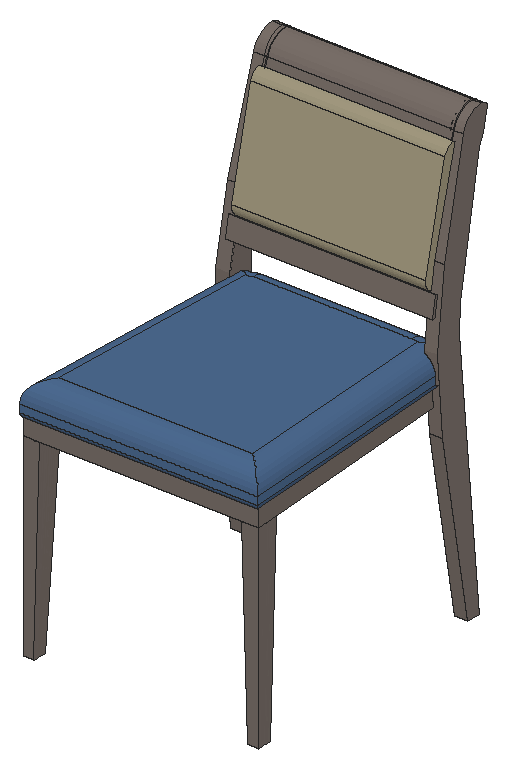
Revit family "FU_Chair_Sandler_Woodlook 1-16", category Furniture, Revit 2022
Family settings
  OmniClass Number = 23.40.20.00
  OmniClass Title = General Furniture and Specialties
  Work Plane-Based = No
  Always vertical = Yes
  Cut with Voids When Loaded = No
  Render Appearance Source = Family Geometry
  Shared = No
  Room Calculation Point = No
Parameters (values of type "Woodlook 1.16")
  Width = 450 mm
  URL = "https://www.sandlerseating.com/product/woodlook-1-16/"
  Seat [instance] = Fabric - Manhattan - Staten YI386
  Model = "Woodlook 1.16"
  Manufacturer = "Sandler"
  Height = 840 mm
  Frame [instance] = Woodlook - 23 Light Walnut
  Description = "Woodlook side chair with frame manufactured entirely from aluminum but with realistic appearance of wood. Highly durable and scratch resistant. Stacks 5 on the floor."
  Depth = 575 mm
  Default Elevation = 0 mm
  Back [instance] = Fabric - Mainline Flax - Kensington MLF07
Reference planes
  plane 1 "Center (Front/Back)": y = 0
  plane 2: z = 0
  plane 3 "Center (Left/Right)": x = 0
  plane 4 "Right": x = -225
  plane 5 "Left": x = 225
  plane 6 "Front": y = -287.5
  plane 7 "Back": y = 287.5
  plane 8 "Height": z = 840
  plane 9 "Seat Height": z = 470
  plane 10 "Seat Frame Base": z = 373.295
  plane 11 "Seat Frame Top": z = 420.295
  plane 12 "BRL FRONT": through (-212.909, -1524, 0) normal (-0.9995, 0, 0.0318)
Forms (mm)
  Blend 1, solid, material "Woodlook - 23 Light Walnut" <- "Frame"
    base sketch origin (0, 0, 0) x (1, 0, 0) y (0, 1, 0)
      loop
        line (-222.909, -282.363) -> (-202.909, -282.363) -> (-202.909, -257.363) -> (-222.909, -257.363) -> (-222.909, -282.363)
    top sketch origin (0, 0, 0) x (1, 0, 0) y (0, 1, 0)
      loop
        line (-222.909, -282.363) -> (-190.909, -282.363) -> (-188.721, -239.363) -> (-220.721, -239.363) -> (-222.909, -282.363)
    from 0 to 373.295
  Blend 2, solid, material "Woodlook - 23 Light Walnut" <- "Frame"
    base sketch origin (0, 0, 0) x (-1, 0, 0) y (0, -1, 0)
      loop
        line (-222.909, 282.363) -> (-222.909, 257.363) -> (-202.909, 257.363) -> (-202.909, 282.363) -> (-222.909, 282.363)
    top sketch origin (0, 0, 0) x (-1, 0, 0) y (0, -1, 0)
      loop
        line (-222.909, 282.363) -> (-220.721, 239.363) -> (-188.721, 239.363) -> (-190.909, 282.363) -> (-222.909, 282.363)
    from 0 to 373.295
  Extrusion 3, solid, material "Woodlook - 23 Light Walnut" <- "Frame"
    sketch origin (-212.693, 0, 6.774) x (-0.031833, 0, -0.999493) y (0, -1, 0)
      loop
        line (6.809, -210.861) -> (-318.88, -163.854)
        arc (-318.88, -163.854) -> (-462.331, -157.818) -> (-604.064, -180.766) r 710
        line (-604.064, -180.766) -> (-800.373, -233.366)
        arc (-800.373, -233.366) -> (-824.427, -249.439) -> (-833.726, -276.833) r 45
        arc (-833.726, -276.833) -> (-832.929, -281.239) -> (-830.639, -285.086) r 12.578
        arc (-830.639, -285.086) -> (-828.16, -286.837) -> (-825.151, -287.241) r 6.372
        arc (-825.151, -287.241) -> (-794.113, -280.166) -> (-765.571, -266.067) r 135.949
        arc (-765.571, -266.067) -> (-646.769, -236.024) -> (-526.494, -212.557) r 2228.556
        arc (-526.494, -212.557) -> (-476.645, -207.708) -> (-426.6, -209.686) r 367.297
        line (-426.6, -209.686) -> (6.809, -235.687) -> (6.809, -210.861)
    from -13 to 12
  Extrusion 4, solid, material "Woodlook - 23 Light Walnut" <- "Frame"
    sketch origin (0, 0, 0) x (0, 1, 0) y (0, 0, 1)
      loop
        line (233.289, 807.037) -> (229.214, 791.825) -> (276.546, 791.825)
        arc (276.546, 791.825) -> (283.385, 811.414) -> (287.164, 831.816) r 135.949
        arc (287.164, 831.816) -> (286.76, 834.824) -> (285.009, 837.304) r 6.372
        arc (285.009, 837.304) -> (281.162, 839.593) -> (276.756, 840.39) r 12.578
        arc (276.756, 840.39) -> (249.362, 831.091) -> (233.289, 807.037) r 45
    from -179 to 178.965
  Extrusion 5, solid, material "Woodlook - 23 Light Walnut" <- "Frame"
    sketch origin (212.693, 0, 6.774) x (0.031833, 0, -0.999493) y (0, 1, 0)
      loop
        line (6.809, 210.861) -> (6.809, 235.687) -> (-426.6, 209.686)
        arc (-426.6, 209.686) -> (-476.645, 207.708) -> (-526.494, 212.557) r 367.297
        arc (-526.494, 212.557) -> (-646.769, 236.024) -> (-765.571, 266.067) r 2228.556
        arc (-765.571, 266.067) -> (-794.113, 280.166) -> (-825.151, 287.241) r 135.949
        arc (-825.151, 287.241) -> (-828.16, 286.837) -> (-830.639, 285.086) r 6.372
        arc (-830.639, 285.086) -> (-832.929, 281.239) -> (-833.726, 276.833) r 12.578
        arc (-833.726, 276.833) -> (-824.427, 249.439) -> (-800.373, 233.366) r 45
        line (-800.373, 233.366) -> (-604.064, 180.766)
        arc (-604.064, 180.766) -> (-462.331, 157.818) -> (-318.88, 163.854) r 710
        line (-318.88, 163.854) -> (6.809, 210.861)
    from -13 to 12
  Extrusion 6, solid, material "Woodlook - 23 Light Walnut" <- "Frame"
    sketch origin (0, 0, 373.295) x (0, -1, 0) y (1, 0, 0)
      loop
        line (282.363, -222.909) -> (282.363, 222.909) -> (-196.601, 194.399) -> (-206.481, 147.921) -> (-206.481, -145.821) -> (-196.149, -194.426) -> (282.363, -222.909)
      loop
        line (-151.77, -167.69) -> (262.363, -188.758) -> (262.363, 188.758) -> (-151.77, 167.69) -> (-151.77, -167.69)
    from 0 to 47
  Extrusion 7, solid, material "Woodlook - 23 Light Walnut" <- "Frame"
    sketch origin (0, 0, 0) x (0, 1, 0) y (0, 0, 1)
      loop
        line (201.792, 553.694) -> (169.947, 561.046)
        arc (169.947, 561.046) -> (165.911, 541.421) -> (163.685, 521.509) r 218.998
        line (163.685, 521.509) -> (192.809, 514.785) -> (201.792, 553.694)
    from -196 to 196
  Extrusion 8, solid, material "Fabric - Mainline Flax - Kensington MLF07" <- "Back"
    sketch origin (0, 0, 0) x (0, 1, 0) y (0, 0, 1)
      loop
        arc (162.199, 583.859) -> (166.069, 567.98) -> (179.602, 558.817) r 22.698
        line (179.602, 558.817) -> (199.176, 554.298)
        arc (199.176, 554.298) -> (216.808, 556.73) -> (228.353, 570.278) r 25
        arc (228.353, 570.278) -> (257.879, 672.432) -> (274.878, 777.4) r 880.707
        arc (274.878, 777.4) -> (271.556, 787.508) -> (261.83, 791.825) r 13.114
        line (261.83, 791.825) -> (231.616, 791.825)
        arc (231.616, 791.825) -> (216.642, 787.044) -> (207.21, 774.47) r 25.838
        arc (207.21, 774.47) -> (179.81, 680.32) -> (162.199, 583.859) r 955.908
    from -184 to 184
  Extrusion 9, solid, material "Fabric - Manhattan - Staten YI386" <- "Seat"
    sketch origin (0, 0, 470) x (-1, 0, 0) y (0, -1, 0)
      loop
        line (225, 287.5) -> (-225, 287.5) -> (-201.468, -191.678)
        arc (-201.468, -191.678) -> (-177.565, -206.326) -> (-150, -211.435) r 76.918
        line (-150, -211.435) -> (150, -211.435)
        arc (150, -211.435) -> (177.565, -206.326) -> (201.468, -191.678) r 76.918
        line (201.468, -191.678) -> (225, 287.5)
    from -65.451 to 0
  Sweep 10, void
    path in 3D
      loop
        line (225, -287.5, 470) -> (201.468, 191.678, 470)
        arc (201.468, 191.678, 470) -> (177.565, 206.326, 470) -> (150, 211.435, 470) r 76.918
        line (150, 211.435, 470) -> (-150, 211.435, 470)
        arc (-150, 211.435, 470) -> (-177.565, 206.326, 470) -> (-201.468, 191.678, 470) r 76.918
        line (-201.468, 191.678, 470) -> (-225, -287.5, 470) -> (225, -287.5, 470)
    profile "Pro_edgeCut_40mm : Pro_edgeCut_40mm" origin (0, -287.5, 470) x (0, 1, 0) y (0, 0, 1)
      loop
        line (7.071, 21.213) -> (-21.213, -7.071) -> (0, -40)
        arc (0, -40) -> (11.716, -11.716) -> (40, 0) r 40
        line (40, 0) -> (7.071, 21.213)
  Sweep 11, void
    path in 3D
      loop
        line (-225, -287.5, 404.549) -> (-201.468, 191.678, 404.549)
        arc (-201.468, 191.678, 404.549) -> (-177.565, 206.326, 404.549) -> (-150, 211.435, 404.549) r 76.918
        line (-150, 211.435, 404.549) -> (150, 211.435, 404.549)
        arc (150, 211.435, 404.549) -> (177.565, 206.326, 404.549) -> (201.468, 191.678, 404.549) r 76.918
        line (201.468, 191.678, 404.549) -> (225, -287.5, 404.549) -> (-225, -287.5, 404.549)
    profile "Pro_edgeCut_10mm : Pro_edgeCut_10mm" origin (0, -287.5, 404.549) x (0, 1, 0) y (0, 0, -1)
      loop
        line (7.071, 21.213) -> (-21.213, -7.071) -> (0, -14.142) -> (0, -10)
        arc (0, -10) -> (2.929, -2.929) -> (10, 0) r 10
        line (10, 0) -> (14.142, 0) -> (7.071, 21.213)
Cuts and joins
  Sweep 10, Sweep 11 cuts Extrusion 9
Lines and regions (mm)
  sketch lines
    curve 1: line (-225, -287.5, 470) -> (225, -287.5, 470)
    curve 2: line (225, -287.5, 470) -> (201.468, 191.678, 470)
    curve 3: arc (150, 211.435, 470) -> (177.565, 206.326, 470) -> (201.468, 191.678, 470) r 76.918
    curve 4: line (150, 211.435, 470) -> (-150, 211.435, 470)
    curve 5: arc (-201.468, 191.678, 470) -> (-177.565, 206.326, 470) -> (-150, 211.435, 470) r 76.918
    curve 6: line (-201.468, 191.678, 470) -> (-225, -287.5, 470)
    curve 7: line (225, -287.5, 404.549) -> (-225, -287.5, 404.549)
    curve 8: line (-225, -287.5, 404.549) -> (-201.468, 191.678, 404.549)
    curve 9: arc (-150, 211.435, 404.549) -> (-177.565, 206.326, 404.549) -> (-201.468, 191.678, 404.549) r 76.918
    curve 10: line (-150, 211.435, 404.549) -> (150, 211.435, 404.549)
    curve 11: arc (201.468, 191.678, 404.549) -> (177.565, 206.326, 404.549) -> (150, 211.435, 404.549) r 76.918
    curve 12: line (201.468, 191.678, 404.549) -> (225, -287.5, 404.549)
Dimensions and locks
  equal spacing: plane 4 "Right", plane 3 "Center (Left/Right)", plane 5 "Left"
  equal spacing: plane 7 "Back", plane 1 "Center (Front/Back)", plane 6 "Front"
  "Width": plane 4 "Right" to plane 5 "Left"
  "Depth": plane 7 "Back" to plane 6 "Front"
  "Height": plane 8 "Height" to level
  aligned and locked: level to plane 2
Automatic sketch dimensions
  plane 4 "Right" to Blend 1 sketch curve = 2.091 mm  (x2)
  Blend 1 sketch curve to Blend 1 sketch curve = 20 mm
  plane 6 "Front" to Blend 1 sketch curve = 5.137 mm  (x2)
  Blend 1 sketch curve to Blend 1 sketch curve = 25 mm
  plane 4 "Right" to Blend 1 sketch curve = 4.279 mm
  Blend 1 sketch curve to Blend 1 sketch curve = 32 mm  (x2)
  Blend 1 sketch curve to Blend 1 sketch curve = 43 mm
  Blend 2 sketch curve to plane 5 "Left" = 2.091 mm  (x2)
  Blend 2 sketch curve to Blend 2 sketch curve = 20 mm
  plane 6 "Front" to Blend 2 sketch curve = 30.137 mm
  plane 6 "Front" to Blend 2 sketch curve = 5.137 mm  (x2)
  Blend 2 sketch curve to plane 5 "Left" = 4.279 mm
  Blend 2 sketch curve to Blend 2 sketch curve = 32 mm  (x2)
  Blend 2 sketch curve to Blend 2 sketch curve = 43 mm
  Extrusion 3 sketch curve to plane 7 "Back" = 135.434 mm
  Extrusion 3 sketch curve to plane 7 "Back" = 6.595 mm
  Extrusion 3 sketch curve to Extrusion 3 sketch curve = 13.808 mm
  Extrusion 3 sketch curve to Extrusion 3 sketch curve = 4.683 mm
  Extrusion 3 sketch curve to plane 7 "Back" = 54.134 mm
  Extrusion 3 sketch curve to Extrusion 3 sketch curve = 20.775 mm
  Extrusion 3 sketch curve to Extrusion 3 sketch curve = 32.422 mm
  Extrusion 3 sketch curve to plane 7 "Back" = 106.734 mm
  Extrusion 3 sketch curve to Extrusion 3 sketch curve = 196.308 mm
  Extrusion 3 sketch curve to Extrusion 3 sketch curve = 137.971 mm
  Extrusion 3 sketch curve to plane 7 "Back" = 77.814 mm
  Extrusion 3 sketch curve to Extrusion 3 sketch curve = 177.464 mm
  Extrusion 3 sketch curve to Extrusion 3 sketch curve = 45.791 mm
  Extrusion 3 sketch curve to plane 7 "Back" = 123.646 mm
  Extrusion 3 sketch curve to Extrusion 3 sketch curve = 107.72 mm
  Extrusion 3 sketch curve to Extrusion 3 sketch curve = 260.288 mm
  Extrusion 3 sketch curve to plane 7 "Back" = 51.813 mm
  Extrusion 3 sketch curve to Extrusion 3 sketch curve = 325.689 mm
  Extrusion 3 sketch curve to Extrusion 3 sketch curve = 1544.2 mm
  plane 7 "Back" to Extrusion 3 sketch curve = 287.354 mm
  Extrusion 3 sketch curve to Extrusion 3 sketch curve = 4.072 mm
  Extrusion 3 sketch curve to Extrusion 3 sketch curve = 24.826 mm
  Extrusion 3 sketch curve to Extrusion 3 sketch curve = 0 mm  (x3)
  Extrusion 3 sketch curve to plane 7 "Back" = 21.433 mm
  plane 8 "Height" to Extrusion 4 sketch curve = 6.303 mm
  Extrusion 4 sketch curve to plane 7 "Back" = 135.511 mm
  Extrusion 4 sketch curve to plane 7 "Back" = 58.286 mm
  Extrusion 4 sketch curve to Extrusion 4 sketch curve = 4.076 mm
  Extrusion 4 sketch curve to plane 7 "Back" = 10.954 mm
  Extrusion 4 sketch curve to Extrusion 4 sketch curve = 0.21 mm
  Extrusion 4 sketch curve to Extrusion 4 sketch curve = 4.072 mm
  Extrusion 4 sketch curve to plane 8 "Height" = 7.505 mm
  Extrusion 4 sketch curve to Extrusion 4 sketch curve = 4.683 mm
  Extrusion 4 sketch curve to plane 8 "Height" = 32.963 mm
  Extrusion 4 sketch curve to Extrusion 4 sketch curve = 32.422 mm
  Extrusion 4 sketch curve to Extrusion 4 sketch curve = 3.565 mm
  Extrusion 4 sketch curve to plane 7 "Back" = 2.491 mm
  Extrusion 4 sketch curve to Extrusion 4 sketch curve = 0 mm
  Extrusion 5 sketch curve to plane 7 "Back" = 135.434 mm
  Extrusion 5 sketch curve to plane 7 "Back" = 6.595 mm
  Extrusion 5 sketch curve to Extrusion 5 sketch curve = 13.808 mm
  Extrusion 5 sketch curve to Extrusion 5 sketch curve = 4.683 mm
  Extrusion 5 sketch curve to plane 7 "Back" = 54.134 mm
  Extrusion 5 sketch curve to Extrusion 5 sketch curve = 20.775 mm
  Extrusion 5 sketch curve to Extrusion 5 sketch curve = 32.422 mm
  Extrusion 5 sketch curve to plane 7 "Back" = 106.734 mm
  Extrusion 5 sketch curve to Extrusion 5 sketch curve = 196.308 mm
  Extrusion 5 sketch curve to Extrusion 5 sketch curve = 137.971 mm
  Extrusion 5 sketch curve to plane 7 "Back" = 77.814 mm
  Extrusion 5 sketch curve to Extrusion 5 sketch curve = 177.464 mm
  Extrusion 5 sketch curve to Extrusion 5 sketch curve = 45.791 mm
  Extrusion 5 sketch curve to plane 7 "Back" = 123.646 mm
  Extrusion 5 sketch curve to Extrusion 5 sketch curve = 107.72 mm
  Extrusion 5 sketch curve to Extrusion 5 sketch curve = 260.288 mm
  Extrusion 5 sketch curve to plane 7 "Back" = 51.813 mm
  Extrusion 5 sketch curve to Extrusion 5 sketch curve = 325.689 mm
  Extrusion 5 sketch curve to Extrusion 5 sketch curve = 24.826 mm
  Extrusion 5 sketch curve to Extrusion 5 sketch curve = 4.072 mm
  plane 7 "Back" to Extrusion 5 sketch curve = 287.354 mm
  Extrusion 5 sketch curve to Extrusion 5 sketch curve = 1544.2 mm
  Extrusion 5 sketch curve to Extrusion 5 sketch curve = 0 mm  (x3)
  Extrusion 5 sketch curve to plane 7 "Back" = 21.433 mm
  Extrusion 6 sketch curve to plane 7 "Back" = 81.019 mm
  Extrusion 6 sketch curve to plane 5 "Left" = 30.601 mm
  Extrusion 6 sketch curve to Extrusion 6 sketch curve = 9.879 mm
  plane 4 "Right" to Extrusion 6 sketch curve = 30.574 mm
  Extrusion 6 sketch curve to Extrusion 6 sketch curve = 10.331 mm
  Extrusion 6 sketch curve to Extrusion 6 sketch curve = 44.831 mm
  Extrusion 6 sketch curve to plane 5 "Left" = 2.091 mm
  plane 6 "Front" to Extrusion 6 sketch curve = 5.137 mm
  plane 4 "Right" to Extrusion 6 sketch curve = 2.091 mm
  Extrusion 6 sketch curve to Extrusion 6 sketch curve = 26.736 mm
  Extrusion 6 sketch curve to Extrusion 6 sketch curve = 48.605 mm
  Extrusion 6 sketch curve to Extrusion 6 sketch curve = 46.478 mm
  Extrusion 6 sketch curve to Extrusion 6 sketch curve = 26.709 mm
  plane 4 "Right" to Extrusion 6 sketch curve = 36.242 mm
  Extrusion 6 sketch curve to Extrusion 6 sketch curve = 20 mm
  Extrusion 6 sketch curve to plane 5 "Left" = 36.242 mm
  plane 9 "Seat Height" to Extrusion 7 sketch curve = 44.785 mm
  Extrusion 7 sketch curve to plane 7 "Back" = 94.691 mm
  Extrusion 7 sketch curve to Extrusion 7 sketch curve = 8.983 mm
  plane 9 "Seat Height" to Extrusion 7 sketch curve = 37.162 mm
  Extrusion 7 sketch curve to Extrusion 7 sketch curve = 38.909 mm
  Extrusion 7 sketch curve to Extrusion 7 sketch curve = 31.845 mm
  Extrusion 7 sketch curve to Extrusion 7 sketch curve = 29.124 mm
  plane 8 "Height" to Extrusion 8 sketch curve = 25.452 mm
  Extrusion 8 sketch curve to plane 6 "Front" = 313.916 mm
  Extrusion 8 sketch curve to plane 7 "Back" = 107.898 mm
  Extrusion 8 sketch curve to Extrusion 8 sketch curve = 5.106 mm
  Extrusion 8 sketch curve to Extrusion 8 sketch curve = 19.574 mm
  Extrusion 8 sketch curve to Extrusion 8 sketch curve = 20.092 mm
  Extrusion 8 sketch curve to plane 7 "Back" = 55.884 mm
  Extrusion 8 sketch curve to plane 7 "Back" = 25.67 mm
  Extrusion 8 sketch curve to plane 9 "Seat Height" = 9.366 mm
  plane 7 "Back" to Extrusion 8 sketch curve = 822.631 mm
  plane 9 "Seat Height" to Extrusion 8 sketch curve = 84.298 mm
  Extrusion 8 sketch curve to Extrusion 8 sketch curve = 4.519 mm
  Extrusion 8 sketch curve to Extrusion 8 sketch curve = 24.359 mm
  Extrusion 8 sketch curve to Extrusion 8 sketch curve = 2.276 mm
  Extrusion 8 sketch curve to plane 8 "Height" = 74.013 mm
  Extrusion 8 sketch curve to Extrusion 8 sketch curve = 12.724 mm
  Extrusion 8 sketch curve to Extrusion 8 sketch curve = 13.114 mm
  Extrusion 8 sketch curve to Extrusion 8 sketch curve = 0 mm  (x2)
  Extrusion 9 sketch curve to plane 6 "Front" = 0 mm
  Extrusion 9 sketch curve to plane 5 "Left" = 0 mm
  Extrusion 9 sketch curve to plane 5 "Left" = 23.532 mm
  Extrusion 9 sketch curve to plane 5 "Left" = 75 mm
  plane 4 "Right" to Extrusion 9 sketch curve = 75 mm
  plane 4 "Right" to Extrusion 9 sketch curve = 23.532 mm
  Extrusion 9 sketch curve to plane 1 "Center (Front/Back)" = 134.517 mm  (x2)
  Extrusion 9 sketch curve to Extrusion 9 sketch curve = 57.161 mm
  plane 4 "Right" to Extrusion 9 sketch curve = 0 mm
